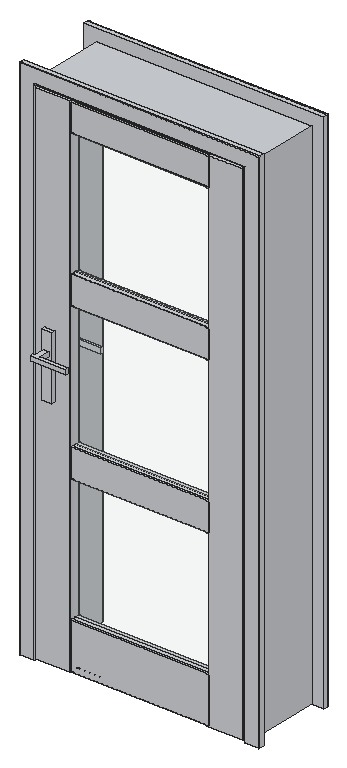
Revit family "b_portagrande_b3_pn60-100", category Drzwi, Revit 2016
Family settings
  Obiekt nadrzędny = Ściana
  Zawsze pionowo = Tak
  Tnij formami wycięć po wczytaniu = Nie
  Współdzielony = Nie
  Punkt obliczania pomieszczeń = Nie
Parameters (values of type "PN 80")
  Zakres szerokości muru [instance] = if(and(Szerokość ściany > 94 mm, Szerokość ściany < 120 mm), "B", (if(and(Szerokość ściany > 119 mm, Szerokość ściany < 140 mm), "C", (if(and(Szerokość ściany > 139 mm, Szerokość ściany < 160 mm), "D", (if(and(Szerokość ściany > 159 mm, Szerokość ściany < 180 mm), "E", (if(and(Szerokość ściany > 179 mm, Szerokość ściany < 200 mm), "F", (if(and(Szerokość ściany > 199 mm, Szerokość ściany < 220 mm), "G", (if(and(Szerokość ściany > 219 mm, Szerokość ściany < 240 mm), "H", (if(and(Szerokość ściany > 239 mm, Szerokość ściany < 260 mm), "I", (if(and(Szerokość ściany > 259 mm, Szerokość ściany < 280 mm), "J", (if(and(Szerokość ściany > 279 mm, Szerokość ściany < 301 mm), "K", "BRAK")))))))))))))))))))  # "K"
  Wysokość brutto = 2060 mm
  Szerokość ściany [instance] = 300 mm
  Szerokość brutto = 880 mm
  Model = "Porta GRANDE B.3"
  Materiał_szyba [instance] = Szkło
  Konstrukcja analityczna = "<Brak>"
  Funkcja = Wewnętrzna
  URL = "www.porta.com.pl"
  Ss = 818 mm
  Sb = 846 mm
  Producent = "PORTA KMI POLAND"  # constant formula
  Keynote = ""
  Opis = "Własność Porta KMI Poland, wszelkie prawa zastrzeżone."  # constant formula
  Wysokość = 2016 mm
  Zakończenie ściany = Wg obiektu nadrzędnego
  Szerokość = 800 mm
  Materiał_skrzydło [instance] = none
  Materiał_ościeżnica [instance] = none
  Materiał_klamka [instance] = none
  Hs = 2017 mm
Types (5, lengths in mm): name | Szerokość brutto | Materiał_szyba | Ss | Sb | Szerokość
  PN 70 | 780 | none | 718 | 746 | 700
  PN 60 | 680 | none | 618 | 646 | 600
  PN 80 | 880 | Szkło | 818 | 846 | 800
  PN 90 | 980 | none | 918 | 946 | 900
  PN 100 | 1080 | none | 1018 | 1046 | 1000
Reference planes
  plane 1: y = 0
  plane 2 "Środek (Lewa/Prawa)": x = 0
  plane 3 "Lewy": x = -440
  plane 4 "Prawy": x = 440
  plane 5: z = 2060
  plane 6 "Zewnętrzna": y = 150
  plane 7 "Wewnętrzna": y = -150
  plane 8 "skrzydło": y = -129
Forms (mm)
  Sweep 1, solid, material <- "Materiał_ościeżnica"
    path in 3D
      loop
        line (-440, -150, 0) -> (-440, -150, 2060) -> (440, -150, 2060) -> (440, -150, 0)
    profile origin (-440, -150, 1030) x (0, -1, 0) y (1, 0, 0)
      loop
        line (-24, 39) -> (-72, 39) -> (-72, 17) -> (0, 17) -> (0, -33) -> (16, -33)
        arc (16, -33) -> (18.121, -32.121) -> (19, -30) r 3
        line (19, -30) -> (19, 24)
        arc (19, 24) -> (18.121, 26.121) -> (16, 27) r 3
        line (16, 27) -> (-24, 27) -> (-24, 39)
  Sweep 2, solid, material <- "Materiał_ościeżnica"
    path in 3D
      loop
        line (440, 150, 0) -> (440, 150, 2060) -> (-440, 150, 2060) -> (-440, 150, 0)
    profile origin (-440, 150, 1030) x (1, 0, 0) y (0, 1, 0)
      loop
        line (-33, 0) -> (17, 0) -> (17, -228) -> (39, -228) -> (39, -1)
        arc (39, -1) -> (37.536, 2.536) -> (34, 4) r 5
        line (34, 4) -> (25, 4) -> (25, 16)
        arc (25, 16) -> (24.121, 18.121) -> (22, 19) r 3
        line (22, 19) -> (-30, 19)
        arc (-30, 19) -> (-32.121, 18.121) -> (-33, 16) r 3
        line (-33, 16) -> (-33, 0)
  Sweep 3, solid, not visible
    path in 3D
      loop
        line (-440, -150, 0) -> (-440, -150, 2060)
    profile origin (-440, -150, 1030) x (0, -1, 0) y (1, 0, 0)
      loop
        line (-151, 17) -> (-149, 17) -> (-149, 19) -> (-151, 19) -> (-151, 17)
Cuts and joins
  joined: Sweep 1, Sweep 2
Lines and regions (mm)
  Opening 1
    outline origin (-3050, -150, 0) x (1, 0, 0) y (0, 0, 1)
      loop
        line (2610, 0) -> (3490, 0) -> (3490, 2060) -> (2610, 2060) -> (2610, 0)
  sketch lines
    curve 1: line (-440, -150, 0) -> (-440, -150, 2060)
    curve 2: line (-440, -150, 2060) -> (440, -150, 2060)
    curve 3: line (440, -150, 2060) -> (440, -150, 0)
    curve 4: line (-440, 150, 2060) -> (-440, 150, 0)
    curve 5: line (440, 150, 2060) -> (-440, 150, 2060)
    curve 6: line (440, 150, 0) -> (440, 150, 2060)
    curve 12: line (-440, -150, 0) -> (-440, -150, 2060)
  symbolic lines, style "DoorsPanelProjection"
    curve 7: line (409, -150, 0) -> (409, -968, 0)
    curve 8: line (409, -968, 0) -> (369, -968, 0)
    curve 9: line (369, -968, 0) -> (369, -150, 0)
    curve 10: line (369, -150, 0) -> (409, -150, 0)
  symbolic lines, style "Ugięcie rzutu"
    curve 11: arc (-409, -150, 0) -> (-169.413, -728.413, 0) -> (409, -968, 0) r 818
Text (mm)
  text "Zewnętrzna" at (-2295.016, 1099.543, 0), in view "Poziom odniesienia"
  text "Zewnętrzna" at (0, 1615.38, 3698.081), in view "Lewy"
  text "Zewnętrzna" at (0, 1036.032, 3874.932), in view "Prawy"
Dimensions and locks
  equal spacing: plane 3 "Lewy", plane 2 "Środek (Lewa/Prawa)", plane 4 "Prawy"
  "Szerokość brutto": plane 3 "Lewy" to plane 4 "Prawy"
  "Wysokość brutto": plane 5 to host wall
  host wall to plane 5 = 2060 mm  (x2)
  locked: plane 6 "Zewnętrzna" to host wall at 0
  locked: plane 7 "Wewnętrzna" to host wall
  "Sb": Sweep 1 to Sweep 1
  locked: Sweep 1 sketch curve to Sweep 1 sketch curve at 22
  Sweep 1 sketch curve to Sweep 1 sketch curve = 50 mm
  locked: Sweep 1 sketch curve to profile plane at 72
  locked: Sweep 2 sketch curve to Sweep 2 sketch curve at 50
  locked: Sweep 2 sketch curve to Sweep 2 sketch curve at 22
  locked: Sweep 2 sketch curve to plane 6 "Zewnętrzna" at 1
  locked: curve 9 to curve 7 at 40
  "Ss": curve 8 to curve 10
  equal spacing: curve 11, plane 2 "Środek (Lewa/Prawa)", curve 7
  locked: plane 7 "Wewnętrzna" to plane 8 "skrzydło" at 21
  locked: host wall to Sweep 3 sketch curve at 1
  locked: Sweep 3 sketch curve to host wall at 1
  locked: Sweep 3 sketch curve to plane 6 "Zewnętrzna" at 151
  locked: plane 7 "Wewnętrzna" to Sweep 3 sketch curve at 151
  equal spacing: nested 1, plane 2 "Środek (Lewa/Prawa)", nested 1
  locked: nested 1 to level at 8
  "Szerokość ściany": host wall to host wall
  aligned and locked: plane 3 "Lewy" to Opening 1 sketch curve
  aligned and locked: plane 5 to Opening 1 sketch curve  (x2)
  aligned and locked: Opening 1 sketch curve to plane 4 "Prawy"
  aligned and locked: Opening 1 sketch curve to level
  aligned and locked: plane 1 to host wall
  aligned and locked: Sweep 1 to Sweep 2 sketch curve
  aligned and locked: plane 7 "Wewnętrzna" to curve 10
  aligned and locked: Sweep 3 sketch curve to cut or joined group of Sweep 1, Sweep 2
  aligned and locked: Sweep 2 sketch curve to cut or joined group of Sweep 1, Sweep 2
  aligned and locked: nested 1 to plane 8 "skrzydło"
Automatic sketch dimensions
  profile plane to Sweep 1 sketch curve = 24 mm
  Sweep 1 sketch curve to profile plane = 16 mm  (x2)
  Sweep 1 sketch curve to Sweep 1 sketch curve = 3 mm
  profile plane to Sweep 1 sketch curve = 17 mm
  Sweep 1 sketch curve to Sweep 1 sketch curve = 7 mm
  Sweep 1 sketch curve to profile plane = 0 mm
  Sweep 2 sketch curve to profile plane = 0 mm
  Sweep 2 sketch curve to profile plane = 16 mm
  Sweep 2 sketch curve to Sweep 2 sketch curve = 3 mm
  Sweep 2 sketch curve to Sweep 2 sketch curve = 5 mm
  Sweep 2 sketch curve to profile plane = 4 mm
  Sweep 2 sketch curve to Sweep 2 sketch curve = 8 mm
  curve 11 to host wall = 0 mm
  Sweep 3 sketch curve to Sweep 3 sketch curve = 2 mm
Nested families
  nested 1: "skrzydło" at (0, -135.5, 0), Materiał_klamka <- "Materiał_klamka", Materiał_skrzydło <- "Materiał_skrzydło", Materiał_szyba <- "Materiał_szyba", type "skrzydło"
    with Materiał_szyba Szkło, Materiał_skrzydło none, Materiał_klamka none
Definition of nested family "skrzydło"
  Parameters
    Ss = 818 mm
    Materiał_szyba [instance] = none
    Materiał_skrzydło [instance] = none
    Materiał_klamka [instance] = none
    Hs = 2017 mm
  Reference planes
    plane 1 "Tył": y = 6.5
    plane 2: z = 0
    plane 3 "Środek (Lewa/Prawa)": x = 0
    plane 4 "Lewa": x = -409
    plane 5 "Prawa": x = 409
    plane 6 "Przód": y = -33.5
    plane 7: z = 2025
    plane 8 "Centrum": y = -13.5
    plane 9: z = 8
    plane 10: x = -272
    plane 11: x = 272
  Forms (mm)
    Extrusion 1, solid, material <- "Materiał_skrzydło"
      sketch origin (-1191.728, -1524, 8) x (-1, 0, 0) y (0, -1, 0)
        loop
          line (-1465.378, -1490.5) -> (-1599.078, -1490.5)
          arc (-1599.078, -1490.5) -> (-1600.244, -1490.983) -> (-1600.728, -1492.15) r 1.65
          line (-1600.728, -1492.15) -> (-1600.728, -1528.8)
          arc (-1600.728, -1528.8) -> (-1600.23, -1530.002) -> (-1599.028, -1530.5) r 1.7
          line (-1599.028, -1530.5) -> (-1465.378, -1530.5)
          arc (-1465.378, -1530.5) -> (-1464.211, -1530.017) -> (-1463.728, -1528.85) r 1.65
          line (-1463.728, -1528.85) -> (-1463.728, -1492.15)
          arc (-1463.728, -1492.15) -> (-1464.211, -1490.983) -> (-1465.378, -1490.5) r 1.65
      from 0 to 2017
    Extrusion 2, solid, material <- "Materiał_skrzydło"
      sketch origin (0, 0, 0) x (0, 1, 0) y (0, 0, 1)
        loop
          line (4, 1911.65) -> (4, 2023.3)
          arc (4, 2023.3) -> (3.502, 2024.502) -> (2.3, 2025) r 1.7
          line (2.3, 2025) -> (-29.35, 2025)
          arc (-29.35, 2025) -> (-30.517, 2024.517) -> (-31, 2023.35) r 1.65
          line (-31, 2023.35) -> (-31, 1911.65)
          arc (-31, 1911.65) -> (-30.517, 1910.483) -> (-29.35, 1910) r 1.65
          line (-29.35, 1910) -> (2.35, 1910)
          arc (2.35, 1910) -> (3.517, 1910.483) -> (4, 1911.65) r 1.65
        loop
          line (2.35, 195) -> (-29.35, 195)
          arc (-29.35, 195) -> (-30.517, 194.517) -> (-31, 193.35) r 1.65
          line (-31, 193.35) -> (-31, 9.65)
          arc (-31, 9.65) -> (-30.517, 8.483) -> (-29.35, 8) r 1.65
          line (-29.35, 8) -> (-25, 8)
          arc (-25, 8) -> (-23.833, 8.483) -> (-23.35, 9.65) r 1.65
          arc (-23.35, 9.65) -> (-22.955, 10.605) -> (-22, 11) r 1.35
          line (-22, 11) -> (-5, 11)
          arc (-5, 11) -> (-4.045, 10.605) -> (-3.65, 9.65) r 1.35
          arc (-3.65, 9.65) -> (-3.167, 8.483) -> (-2, 8) r 1.65
          line (-2, 8) -> (2.35, 8)
          arc (2.35, 8) -> (3.517, 8.483) -> (4, 9.65) r 1.65
          line (4, 9.65) -> (4, 193.35)
          arc (4, 193.35) -> (3.517, 194.517) -> (2.35, 195) r 1.65
        loop
          line (2.35, 805) -> (-29.35, 805)
          arc (-29.35, 805) -> (-30.517, 804.517) -> (-31, 803.35) r 1.65
          line (-31, 803.35) -> (-31, 691.65)
          arc (-31, 691.65) -> (-30.517, 690.483) -> (-29.35, 690) r 1.65
          line (-29.35, 690) -> (2.35, 690)
          arc (2.35, 690) -> (3.517, 690.483) -> (4, 691.65) r 1.65
          line (4, 691.65) -> (4, 803.35)
          arc (4, 803.35) -> (3.517, 804.517) -> (2.35, 805) r 1.65
        loop
          line (2.35, 1415) -> (-29.35, 1415)
          arc (-29.35, 1415) -> (-30.517, 1414.517) -> (-31, 1413.35) r 1.65
          line (-31, 1413.35) -> (-31, 1301.65)
          arc (-31, 1301.65) -> (-30.517, 1300.483) -> (-29.35, 1300) r 1.65
          line (-29.35, 1300) -> (2.35, 1300)
          arc (2.35, 1300) -> (3.517, 1300.483) -> (4, 1301.65) r 1.65
          line (4, 1301.65) -> (4, 1413.35)
          arc (4, 1413.35) -> (3.517, 1414.517) -> (2.35, 1415) r 1.65
      from -272 to 272
    Extrusion 3, solid, material <- "Materiał_szyba"
      sketch origin (-892.016, -13.5, 1213) x (-1, 0, 0) y (0, 0, 1)
        loop
          line (-620.016, 697) -> (-1164.016, 697) -> (-1164.016, 202) -> (-620.016, 202) -> (-620.016, 697)
      from -2 to 2
    Extrusion 4, solid, material <- "Materiał_szyba"
      sketch origin (-892.016, -13.5, 1213) x (-1, 0, 0) y (0, 0, 1)
        loop
          line (-620.016, -408) -> (-620.016, 87) -> (-1164.016, 87) -> (-1164.016, -408) -> (-620.016, -408)
      from -2 to 2
    Extrusion 5, solid, material <- "Materiał_szyba"
      sketch origin (-892.016, -13.5, 1200) x (-1, 0, 0) y (0, 0, 1)
        loop
          line (-620.016, -510) -> (-1164.016, -510) -> (-1164.016, -1005) -> (-620.016, -1005) -> (-620.016, -510)
      from -2 to 2
    Extrusion 6, solid, material <- "Materiał_skrzydło"
      sketch origin (-1191.728, -1524, 8) x (-1, 0, 0) y (0, -1, 0)
        loop
          arc (-918.078, -1490.5) -> (-919.244, -1490.983) -> (-919.728, -1492.15) r 1.65
          line (-919.728, -1492.15) -> (-919.728, -1528.85)
          arc (-919.728, -1528.85) -> (-919.244, -1530.017) -> (-918.078, -1530.5) r 1.65
          line (-918.078, -1530.5) -> (-784.428, -1530.5)
          arc (-784.428, -1530.5) -> (-783.225, -1530.002) -> (-782.728, -1528.8) r 1.7
          line (-782.728, -1528.8) -> (-782.728, -1492.15)
          arc (-782.728, -1492.15) -> (-783.211, -1490.983) -> (-784.378, -1490.5) r 1.65
          line (-784.378, -1490.5) -> (-918.078, -1490.5)
      from 0 to 2017
  Dimensions and locks
    equal spacing: plane 4 "Lewa", plane 3 "Środek (Lewa/Prawa)", plane 5 "Prawa"
    "Ss": plane 4 "Lewa" to plane 5 "Prawa"
    locked: plane 9 to level at 8
    "Hs": plane 7 to plane 9
    locked: nested 1 to plane 9 at 934
    locked: plane 9 to nested 2 at 934
    equal spacing: plane 6 "Przód", plane 8 "Centrum", plane 1 "Tył"
    locked: plane 10 to plane 4 "Lewa" at 137
    locked: plane 5 "Prawa" to plane 11 at 137
    aligned and locked: nested 1 to plane 6 "Przód"
    aligned and locked: plane 5 "Prawa" to Extrusion 1 sketch curve
    aligned and locked: Extrusion 1 sketch curve to plane 1 "Tył"
    aligned and locked: Extrusion 1 sketch curve to plane 6 "Przód"
    aligned and locked: Extrusion 1 sketch curve to plane 11
    aligned and locked: plane 7 to Extrusion 1
    aligned and locked: Extrusion 2 to plane 10
    aligned and locked: plane 11 to Extrusion 2
    aligned and locked: plane 10 to Extrusion 3 sketch curve
    aligned and locked: plane 11 to Extrusion 3 sketch curve
    aligned and locked: Extrusion 2 to Extrusion 4 sketch curve  (x2)
    aligned and locked: plane 10 to Extrusion 5 sketch curve
    aligned and locked: plane 11 to Extrusion 5 sketch curve
    aligned and locked: plane 4 "Lewa" to Extrusion 6 sketch curve
    aligned and locked: Extrusion 6 sketch curve to plane 10
    aligned and locked: plane 7 to Extrusion 6
    aligned and locked: nested 2 to nested 1
  Automatic sketch dimensions
    Extrusion 4 sketch curve to plane 7 = 725 mm
    Extrusion 4 sketch curve to Extrusion 4 sketch curve = 495 mm
    Extrusion 6 sketch curve to plane 6 "Przód" = 0 mm
    plane 1 "Tył" to Extrusion 6 sketch curve = 0 mm
    Extrusion 6 sketch curve to plane 10 = 1.65 mm
    plane 1 "Tył" to Extrusion 6 sketch curve = 1.65 mm
    plane 4 "Lewa" to Extrusion 6 sketch curve = 1.7 mm
    plane 4 "Lewa" to Extrusion 6 sketch curve = 1.65 mm
    Extrusion 1 sketch curve to Extrusion 1 sketch curve = 1.65 mm
    Extrusion 1 sketch curve to plane 5 "Prawa" = 1.7 mm
    plane 11 to Extrusion 1 sketch curve = 1.65 mm  (x2)
    Extrusion 2 sketch curve to plane 7 = 0 mm
    Extrusion 2 sketch curve to plane 9 = 0 mm  (x2)
    plane 6 "Przód" to Extrusion 2 sketch curve = 2.5 mm  (x4)
    Extrusion 2 sketch curve to plane 7 = 1.65 mm
    Extrusion 2 sketch curve to Extrusion 2 sketch curve = 1.65 mm  (x11)
    plane 9 to Extrusion 2 sketch curve = 1.65 mm  (x2)
    Extrusion 2 sketch curve to Extrusion 2 sketch curve = 4.35 mm
    Extrusion 2 sketch curve to Extrusion 2 sketch curve = 0 mm  (x2)
    Extrusion 2 sketch curve to Extrusion 2 sketch curve = 1.35 mm
    plane 8 "Centrum" to Extrusion 2 sketch curve = 8.5 mm
    Extrusion 2 sketch curve to plane 7 = 1.7 mm
    plane 1 "Tył" to Extrusion 2 sketch curve = 4.2 mm
    plane 1 "Tył" to Extrusion 2 sketch curve = 4.15 mm  (x6)
    Extrusion 2 sketch curve to Extrusion 2 sketch curve = 182.35 mm
    Extrusion 2 sketch curve to Extrusion 2 sketch curve = 495 mm  (x2)
    Extrusion 2 sketch curve to Extrusion 2 sketch curve = 111.7 mm  (x2)
    Extrusion 2 sketch curve to Extrusion 2 sketch curve = 113.3 mm
    Extrusion 3 sketch curve to plane 7 = 610 mm
    Extrusion 3 sketch curve to plane 7 = 115 mm
    plane 9 to Extrusion 5 sketch curve = 187 mm
    Extrusion 5 sketch curve to Extrusion 5 sketch curve = 495 mm
  Nested families
    nested 1: "KLAMKA" at (-354, -33.5, 1067), Materiał klamki <- "Materiał_klamka", type "KLAMKA"
      with Materiał klamki none
    nested 2: "KLAMKA" at (-354, 6.5, 1067), Materiał klamki <- "Materiał_klamka", type "KLAMKA"
      with Materiał klamki none
  Definition of nested family "KLAMKA"
    Parameters
      Materiał klamki [instance] = none
      Assembly Code = ""
      Default Elevation = 1219.2 mm
    Reference planes
      plane 1 "Center (Front/Back)": y = 0
      plane 2: z = 0
      plane 3 "Center (Left/Right)": x = 0
      plane 4: z = 125
      plane 5: z = -125
      plane 6: x = 20
      plane 7: x = -20
      plane 8: y = -70
      plane 9: y = -60
      plane 10: x = 10
      plane 11: x = -10
      plane 12: x = 120
      plane 13: z = 35
      plane 14: z = 55
      plane 15: y = -15
    Forms (mm)
      Extrusion 1, solid, material <- "Materiał klamki"
        sketch origin (0, 0, 0) x (1, 0, 0) y (0, 0, 1)
          loop
            line (-20, 125) -> (-20, -125) -> (20, -125) -> (20, 125) -> (-20, 125)
        from 0 to 15
      Extrusion 2, solid, material <- "Materiał klamki"
        sketch origin (0, 0, 0) x (1, 0, 0) y (0, 1, 0)
          loop
            line (-10, -15) -> (-10, -60) -> (-20, -60) -> (-20, -70) -> (120, -70) -> (120, -60) -> (10, -60) -> (10, -15) -> (-10, -15)
        from 35 to 55
    Dimensions and locks
      equal spacing: plane 4, plane 2, plane 5
      plane 4 to plane 5 = 250 mm
      equal spacing: plane 7, plane 3 "Center (Left/Right)", plane 6
      plane 7 to plane 6 = 40 mm
      plane 8 to plane 1 "Center (Front/Back)" = 70 mm
      plane 11 to plane 3 "Center (Left/Right)" to plane 10 = 10 mm locked, 10 mm locked
      plane 7 to plane 12 = 140 mm
      plane 15 to plane 1 "Center (Front/Back)" = 15 mm
      aligned and locked: plane 7 to Extrusion 1 sketch curve
      aligned and locked: Extrusion 1 sketch curve to plane 4
      aligned and locked: plane 5 to Extrusion 1 sketch curve
      aligned and locked: Extrusion 1 sketch curve to plane 6
      aligned and locked: plane 15 to Extrusion 1
      aligned and locked: Extrusion 1 to plane 1 "Center (Front/Back)"
      aligned and locked: plane 14 to Extrusion 2
      aligned and locked: Extrusion 2 to plane 13
    Automatic sketch dimensions
      Extrusion 2 sketch curve to plane 7 = 0 mm
      Extrusion 2 sketch curve to plane 9 = 0 mm  (x2)
      Extrusion 2 sketch curve to plane 11 = 0 mm
      Extrusion 2 sketch curve to plane 10 = 0 mm
      Extrusion 2 sketch curve to plane 12 = 0 mm
      Extrusion 2 sketch curve to plane 8 = 0 mm
      Extrusion 2 sketch curve to plane 15 = 0 mm
